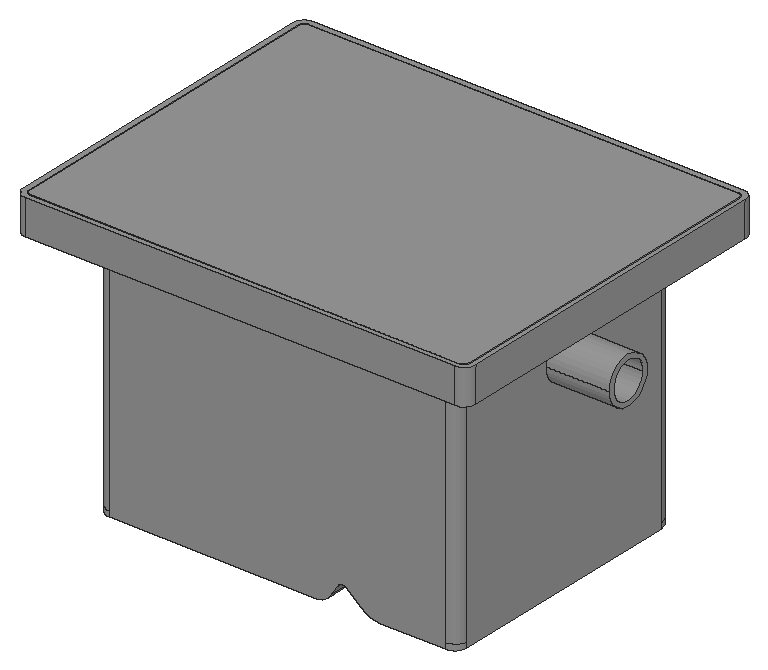
Revit family "Lil_F", category Plumbing Fixtures, Revit 2019
Family settings
  Round Connector Dimension = Use Diameter
  Part Type = Normal
  Work Plane-Based = No
  Always vertical = Yes
  Cut with Voids When Loaded = No
  Shared = No
  Room Calculation Point = No
Parameters (values of type "Lil-7-F")
  top 2 = 2"
  URL = "www.mifab.com"
  TOP1 = 1 1/2"
  TOP THK = 1 1/2"
  Pressure Drop = 0.00 psi
  Model = "MI-G-1-PL-PSB-FSCR"
  Mechanical Flow = 7 GPM
  Material = Polyethylene, High Density
  Manufacturer = "MIFAB"
  FULL DIM = 6"
  F2 = F / 2 - 51/256"  # 205/256"
  F/2 = F / 2  # 1"
  F = 2"
  E = 12 1/2"
  Description = "7GPM Lil Max Fish Scale Interceptor"
  D = 9"
  C = 3 1/2"
  BOTTOM 1 = 9"
  B = 15 1/2"
  A+1 = (A + 1") / 1.95  # 10.51282"
  A = 19 1/2"
Types (8): name | top 2 | Model | Mechanical Flow | F2 | F/2 | F | E | Description | D | C | B | A+1 | A
  (no name) | 2" | "MI-G-1-PL-PSB-FSCR" | 7 GPM | 205/256" | 1" | 2" | 12 1/2" | "7GPM Lil Max Fish Scale Interceptor" | 9" | 3 1/2" | 15 1/2" | 10.51282" | 19 1/2"
  Lil-7-F | 2" | "MI-G-1-PL-PSB-FSCR" | 7 GPM | 205/256" | 1" | 2" | 12 1/2" | "7GPM Lil Max Fish Scale Interceptor" | 9" | 3 1/2" | 15 1/2" | 10.51282" | 19 1/2"
  Lil-10-F | 3.09455" | "MI-G-2-PL-PSB-FSCR" | 10 GPM | 205/256" | 1" | 2" | 13 1/4" | "10GPM Lil Max Fish Scale Interceptor" | 9 3/4" | 3 1/2" | 17 1/2" | 12.30769" | 23"
  Lil-15-F | 3.09455" | "MI-G-3-PL-PSB-FSCR" | 15 GPM | 205/256" | 1" | 2" | 16 3/4" | "15GPM Lil Max Fish Scale Interceptor" | 13 1/4" | 3 1/2" | 17 1/2" | 12.30769" | 23"
  Lil-20-F | 3.09455" | "MI-G-4-PL-PSB-FSCR" | 20 GPM | 1 77/256" | 1 1/2" | 3" | 14 1/4" | "20GPM Lil Max Fish Scale Interceptor" | 10 3/4" | 3 1/2" | 20 1/2" | 15.64103" | 29 1/2"
  Lil-25-F | 3.09455" | "MI-G-5-PL-PSB-FSCR" | 25 GPM | 1 77/256" | 1 1/2" | 3" | 18 1/4" | "25GPM Lil Max Fish Scale Interceptor" | 14 3/4" | 3 1/2" | 20 1/2" | 15.64103" | 29 1/2"
  Lil-35-F | 3.09455" | "MI-G-6-PL-PSB-FSCR" | 35 GPM | 1 77/256" | 1 1/2" | 3" | 22 1/4" | "35GPM Lil Max Fish Scale Interceptor" | 16 3/4" | 5 1/2" | 25 1/2" | 17.4359" | 33"
  Lil-50-F | 3.09455" | "MI-G-7-PL-PSB-FSCR" | 50 GPM | 1 77/256" | 1 1/2" | 3" | 24 1/4" | "50GPM Lil Max Fish Scale Interceptor" | 18 3/4" | 5 1/2" | 25 1/2" | 17.4359" | 33"
Reference planes (in)
  plane 1 "Center (Front/Back)": y = 0
  plane 2: z = 0
  plane 3 "Center (Left/Right)": x = 0
  plane 4: z = -3.5
  plane 5: z = -12.5
Forms (in)
  Extrusion 1, solid, material "Polyethylene, High Density" <- "Material"
    sketch origin (-0.57139, 0, 0) x (1, 0, 0) y (0, 1, 0)
      loop
        arc (-8.67861, 7.75) -> (-9.03216, 7.60355) -> (-9.17861, 7.25) r 0.5
        line (-9.17861, 7.25) -> (-9.17861, -7.25)
        arc (-9.17861, -7.25) -> (-9.03216, -7.60355) -> (-8.67861, -7.75) r 0.5
        line (-8.67861, -7.75) -> (9.82139, -7.75)
        arc (9.82139, -7.75) -> (10.17494, -7.60355) -> (10.32139, -7.25) r 0.5
        line (10.32139, -7.25) -> (10.32139, 7.25)
        arc (10.32139, 7.25) -> (10.17494, 7.60355) -> (9.82139, 7.75) r 0.5
        line (9.82139, 7.75) -> (-8.67861, 7.75)
      loop
        arc (-8.92861, -7.25) -> (-8.85539, -7.42678) -> (-8.67861, -7.5) r 0.25
        line (-8.67861, -7.5) -> (9.82139, -7.5)
        arc (9.82139, -7.5) -> (9.99817, -7.42678) -> (10.07139, -7.25) r 0.25
        line (10.07139, -7.25) -> (10.07139, 7.25)
        arc (10.07139, 7.25) -> (9.99817, 7.42678) -> (9.82139, 7.5) r 0.25
        line (9.82139, 7.5) -> (-8.67861, 7.5)
        arc (-8.67861, 7.5) -> (-8.85539, 7.42678) -> (-8.92861, 7.25) r 0.25
        line (-8.92861, 7.25) -> (-8.92861, -7.25)
    from -1.5 to 0
  Extrusion 2, solid, material "Polyethylene, High Density" <- "Material"
    sketch origin (0, 0, 0) x (1, 0, 0) y (0, 1, 0)
      loop
        arc (-7.25, 5.75) -> (-7.60355, 5.60355) -> (-7.75, 5.25) r 0.5
        line (-7.75, 5.25) -> (-7.75, -5.25)
        arc (-7.75, -5.25) -> (-7.60355, -5.60355) -> (-7.25, -5.75) r 0.5
        line (-7.25, -5.75) -> (7.25, -5.75)
        arc (7.25, -5.75) -> (7.60355, -5.60355) -> (7.75, -5.25) r 0.5
        line (7.75, -5.25) -> (7.75, 5.25)
        arc (7.75, 5.25) -> (7.60355, 5.60355) -> (7.25, 5.75) r 0.5
        line (7.25, 5.75) -> (-7.25, 5.75)
      loop
        arc (-7.5, -5.25) -> (-7.42678, -5.42678) -> (-7.25, -5.5) r 0.25
        line (-7.25, -5.5) -> (7.25, -5.5)
        arc (7.25, -5.5) -> (7.42678, -5.42678) -> (7.5, -5.25) r 0.25
        line (7.5, -5.25) -> (7.5, 5.25)
        arc (7.5, 5.25) -> (7.42678, 5.42678) -> (7.25, 5.5) r 0.25
        line (7.25, 5.5) -> (-7.25, 5.5)
        arc (-7.25, 5.5) -> (-7.42678, 5.42678) -> (-7.5, 5.25) r 0.25
        line (-7.5, 5.25) -> (-7.5, -5.25)
    from -12.5 to -1.5
  Extrusion 3, solid, material "Polyethylene, High Density" <- "Material"
    sketch origin (0, 0, 0) x (0, 1, 0) y (0, 0, 1)
      loop
        circle (0, -3.5) r 1
    from 7.5 to 10.51282
  Extrusion 4, void
    sketch origin (0, 0, 0) x (0, 1, 0) y (0, 0, 1)
      loop
        circle (0, -3.5) r 0.80078
    from -10.51282 to 10.51282
  Extrusion 5, solid, material "Polyethylene, High Density" <- "Material"
    sketch origin (0, 0, 0) x (0, 1, 0) y (0, 0, -1)
      loop
        circle (0, 3.5) r 1
    from 7.5 to 10.51282
  Extrusion 6, solid, material "Polyethylene, High Density" <- "Material"
    sketch origin (0, 0, 0) x (1, 0, 0) y (0, 1, 0)
      loop
        line (-9.5, 7.25) -> (-9.5, -7.25)
        arc (-9.5, -7.25) -> (-9.42678, -7.42678) -> (-9.25, -7.5) r 0.25
        line (-9.25, -7.5) -> (9.25, -7.5)
        arc (9.25, -7.5) -> (9.42678, -7.42678) -> (9.5, -7.25) r 0.25
        line (9.5, -7.25) -> (9.5, 7.25)
        arc (9.5, 7.25) -> (9.42678, 7.42678) -> (9.25, 7.5) r 0.25
        line (9.25, 7.5) -> (-9.25, 7.5)
        arc (-9.25, 7.5) -> (-9.42678, 7.42678) -> (-9.5, 7.25) r 0.25
      loop
        line (-7.5, 5.25) -> (-7.5, -5.25)
        arc (-7.5, -5.25) -> (-7.42678, -5.42678) -> (-7.25, -5.5) r 0.25
        line (-7.25, -5.5) -> (7.25, -5.5)
        arc (7.25, -5.5) -> (7.42678, -5.42678) -> (7.5, -5.25) r 0.25
        line (7.5, -5.25) -> (7.5, 5.25)
        arc (7.5, 5.25) -> (7.42678, 5.42678) -> (7.25, 5.5) r 0.25
        line (7.25, 5.5) -> (-7.25, 5.5)
        arc (-7.25, 5.5) -> (-7.42678, 5.42678) -> (-7.5, 5.25) r 0.25
    from -1.5 to -1.27407
  Extrusion 7, solid, material "Polyethylene, High Density" <- "Material"
    sketch origin (0, 0, 0) x (1, 0, 0) y (0, 0, 1)
      loop
        line (-7.75, -12.5) -> (1.68146, -12.5)
        arc (1.68146, -12.5) -> (2.08444, -12.38254) -> (2.3612, -12.06696) r 0.75
        line (2.3612, -12.06696) -> (2.63018, -11.66446)
        arc (2.63018, -11.66446) -> (2.78411, -11.56852) -> (2.95785, -11.6206) r 0.22028
        line (2.95785, -11.6206) -> (3.61676, -12.19339)
        arc (3.61676, -12.19339) -> (3.99907, -12.42084) -> (4.43683, -12.5) r 1.25
        line (4.43683, -12.5) -> (7.75, -12.5) -> (7.75, -12.25) -> (4.43683, -12.25)
        arc (4.43683, -12.25) -> (4.08662, -12.18667) -> (3.78077, -12.00471) r 1
        line (3.78077, -12.00471) -> (3.10631, -11.41841)
        arc (3.10631, -11.41841) -> (2.74971, -11.3115) -> (2.43377, -11.50842) r 0.45213
        line (2.43377, -11.50842) -> (2.14162, -11.94558)
        arc (2.14162, -11.94558) -> (1.95733, -12.16701) -> (1.68146, -12.25) r 0.5
        line (1.68146, -12.25) -> (-7.75, -12.25) -> (-7.75, -12.5)
    from -5.75 to 5.75
  Extrusion 8, void
    sketch origin (0, 0, 0) x (1, 0, 0) y (0, 0, 1)
      loop
        line (1.68146, -12.5) -> (4.43683, -12.5)
        arc (4.43683, -12.5) -> (3.99907, -12.42084) -> (3.61676, -12.19339) r 1.25
        line (3.61676, -12.19339) -> (2.95785, -11.6206)
        arc (2.95785, -11.6206) -> (2.78411, -11.56852) -> (2.63018, -11.66446) r 0.22028
        line (2.63018, -11.66446) -> (2.3612, -12.06696)
        arc (2.3612, -12.06696) -> (2.08444, -12.38254) -> (1.68146, -12.5) r 0.75
    from -13.05949 to 13.44892
  Extrusion 9, void
    sketch origin (0, 0, 0) x (1, 0, 0) y (0, 1, 0)
      loop
        arc (-7.25, 5.75) -> (-7.60355, 5.60355) -> (-7.75, 5.25) r 0.5
        line (-7.75, 5.25) -> (-7.75, -5.25)
        arc (-7.75, -5.25) -> (-7.60355, -5.60355) -> (-7.25, -5.75) r 0.5
        line (-7.25, -5.75) -> (7.25, -5.75)
        arc (7.25, -5.75) -> (7.60355, -5.60355) -> (7.75, -5.25) r 0.5
        line (7.75, -5.25) -> (7.75, 5.25)
        arc (7.75, 5.25) -> (7.60355, 5.60355) -> (7.25, 5.75) r 0.5
        line (7.25, 5.75) -> (-7.25, 5.75)
      loop
        arc (-7.25, 6) -> (-7.78033, 5.78033) -> (-8, 5.25) r 0.75
        line (-8, 5.25) -> (-8, -5.25)
        arc (-8, -5.25) -> (-7.78033, -5.78033) -> (-7.25, -6) r 0.75
        line (-7.25, -6) -> (7.25, -6)
        arc (7.25, -6) -> (7.78033, -5.78033) -> (8, -5.25) r 0.75
        line (8, -5.25) -> (8, 5.25)
        arc (8, 5.25) -> (7.78033, 5.78033) -> (7.25, 6) r 0.75
        line (7.25, 6) -> (-7.25, 6)
    from -12.5 to -8.24153
  Extrusion 10, solid, material "Polytetrafluoroethylene"
    sketch origin (0, 0, 0) x (1, 0, 0) y (0, 1, 0)
      loop
        arc (-9.5, -7.25) -> (-9.42678, -7.42678) -> (-9.25, -7.5) r 0.25
        line (-9.25, -7.5) -> (9.25, -7.5)
        arc (9.25, -7.5) -> (9.42678, -7.42678) -> (9.5, -7.25) r 0.25
        line (9.5, -7.25) -> (9.5, 7.25)
        arc (9.5, 7.25) -> (9.42678, 7.42678) -> (9.25, 7.5) r 0.25
        line (9.25, 7.5) -> (-9.25, 7.5)
        arc (-9.25, 7.5) -> (-9.42678, 7.42678) -> (-9.5, 7.25) r 0.25
        line (-9.5, 7.25) -> (-9.5, -7.25)
    from -1.27407 to 0
Cuts and joins
  Extrusion 4 cuts Extrusion 1
  Extrusion 4, Extrusion 8 cuts Extrusion 2
  Extrusion 4 cuts Extrusion 3
  Extrusion 4 cuts Extrusion 5
  Extrusion 4 cuts Extrusion 6
  Extrusion 4, Extrusion 8, Extrusion 9 cuts Extrusion 7
  joined: Extrusion 1, Extrusion 2, Extrusion 3, Extrusion 5, Extrusion 6, Extrusion 7
Dimensions and locks (in)
  "D": plane 5 to plane 4
  "C": level to plane 4
  equal spacing: Extrusion 1 sketch curve, plane 1 "Center (Front/Back)", Extrusion 1 sketch curve
  plane 1 "Center (Front/Back)" to Extrusion 1 sketch curve = 7 3/4"
  equal spacing: Extrusion 1, plane 3 "Center (Left/Right)", Extrusion 1
  "A+1": Extrusion 3 to plane 3 "Center (Left/Right)"
  "A": Extrusion 1 sketch curve to Extrusion 1 sketch curve
  equal spacing: Extrusion 1 sketch curve, plane 3 "Center (Left/Right)", Extrusion 1 sketch curve
  "A+1": cut or joined group 1 (Extrusion 1, Extrusion 2, Extrusion 3, Extrusion 4, Extrusion 5, Extrusion 6, Extrusion 7, Extrusion 8, Extrusion 9) to plane 3 "Center (Left/Right)"
  locked: Extrusion 6 to Extrusion 1 at 0.22593
  equal spacing: Extrusion 2 sketch curve, plane 3 "Center (Left/Right)", Extrusion 2 sketch curve
  equal spacing: Extrusion 2 sketch curve, plane 1 "Center (Front/Back)", Extrusion 2 sketch curve
  cut or joined group 1 to cut or joined group 1 = 1/4"
  locked: cut or joined group 1 to cut or joined group 1 at 0.25  (x3)
  cut or joined group 1 to cut or joined group 1 = 2"
  locked: cut or joined group 1 to cut or joined group 1 at 2
  locked: Extrusion 6 sketch curve to cut or joined group 1 at 2  (x2)
  "B": cut or joined group 1 to cut or joined group 1
  locked: cut or joined group 1 to cut or joined group 1 at 2.25  (x2)
  "F/2": radius of Extrusion 3 sketch curve
  "F2": radius of Extrusion 4 sketch curve
  "F/2": radius of Extrusion 5 sketch curve
  aligned and locked: plane 2 to level
  aligned and locked: level to Extrusion 1
  aligned and locked: Extrusion 2 to plane 5
  aligned and locked: Extrusion 2 to Extrusion 1
  aligned and locked: plane 1 "Center (Front/Back)" to Extrusion 3 sketch curve
  aligned and locked: plane 4 to Extrusion 3 sketch curve
  aligned and locked: plane 1 "Center (Front/Back)" to Extrusion 4 sketch curve
  aligned and locked: plane 4 to Extrusion 4 sketch curve
  aligned and locked: Extrusion 6 sketch curve to Extrusion 1  (x4)
  aligned and locked: Extrusion 1 to Extrusion 6
  aligned and locked: Extrusion 7 sketch curve to cut or joined group 1
  aligned and locked: Extrusion 8 sketch curve to cut or joined group 1  (x3)
  aligned and locked: cut or joined group 1 to Extrusion 8 sketch curve
  aligned and locked: cut or joined group 1 to Extrusion 6 sketch curve  (x2)
  aligned and locked: Extrusion 7 to Extrusion 2  (x2)
  aligned and locked: Extrusion 2 to Extrusion 7
  aligned and locked: Extrusion 2 to Extrusion 3
  aligned and locked: Extrusion 2 to Extrusion 5
  aligned and locked: Extrusion 9 sketch curve to cut or joined group 1  (x4)
  aligned and locked: Extrusion 9 to plane 5
  aligned and locked: Extrusion 10 sketch curve to cut or joined group 1  (x4)
  aligned and locked: Extrusion 10 to cut or joined group 1
  aligned and locked: level to Extrusion 10
  aligned and locked: Extrusion 3 to Extrusion 4
  aligned and locked: Extrusion 5 to Extrusion 4
  aligned and locked: plane 4 to Extrusion 5 sketch curve
  aligned and locked: plane 1 "Center (Front/Back)" to Extrusion 5 sketch curve
Automatic sketch dimensions
  Extrusion 6 sketch curve to Extrusion 6 sketch curve = 1/4"  (x6)
  Extrusion 8 sketch curve to Extrusion 8 sketch curve = 0.67973"
  plane 5 to Extrusion 8 sketch curve = 0.30661"
  Extrusion 8 sketch curve to Extrusion 8 sketch curve = 0.26899"
  Extrusion 8 sketch curve to Extrusion 8 sketch curve = 0.12239"
  Extrusion 8 sketch curve to Extrusion 8 sketch curve = 37/256"
  Extrusion 2 sketch curve to plane 3 "Center (Left/Right)" = 7 3/4"
  Extrusion 2 sketch curve to Extrusion 2 sketch curve = 1/2"  (x4)
  Extrusion 2 sketch curve to Extrusion 2 sketch curve = 0"  (x11)
  Extrusion 2 sketch curve to Extrusion 2 sketch curve = 1/4"
  plane 1 "Center (Front/Back)" to Extrusion 2 sketch curve = 5 3/4"
  Extrusion 6 sketch curve to Extrusion 6 sketch curve = 2"
  Extrusion 7 sketch curve to Extrusion 7 sketch curve = 0"  (x4)
  Extrusion 7 sketch curve to plane 5 = 0"
  Extrusion 7 sketch curve to plane 3 "Center (Left/Right)" = 7 3/4"
  plane 5 to Extrusion 7 sketch curve = 1/4"
  plane 3 "Center (Left/Right)" to Extrusion 7 sketch curve = 1.68146"
  plane 5 to Extrusion 7 sketch curve = 0.55442"
  Extrusion 7 sketch curve to Extrusion 7 sketch curve = 0.46016"
  plane 5 to Extrusion 7 sketch curve = 0.43304"
  Extrusion 7 sketch curve to Extrusion 7 sketch curve = 0.29215"
  plane 5 to Extrusion 7 sketch curve = 0.83554"
  Extrusion 7 sketch curve to Extrusion 7 sketch curve = 0.19641"
  Extrusion 7 sketch curve to Extrusion 7 sketch curve = 0.1795"
  Extrusion 7 sketch curve to Extrusion 7 sketch curve = 0.00364"
  plane 5 to Extrusion 7 sketch curve = 0.8794"
  Extrusion 7 sketch curve to Extrusion 7 sketch curve = 0.14816"
  plane 5 to Extrusion 7 sketch curve = 1.08159"
  Extrusion 7 sketch curve to Extrusion 7 sketch curve = 0.14846"
  plane 5 to Extrusion 7 sketch curve = 0.30661"
  Extrusion 7 sketch curve to Extrusion 7 sketch curve = 0.65891"
  plane 5 to Extrusion 7 sketch curve = 0.49529"
  Extrusion 7 sketch curve to Extrusion 7 sketch curve = 0.16401"
  Extrusion 7 sketch curve to Extrusion 7 sketch curve = 0.65606"
  Extrusion 7 sketch curve to Extrusion 7 sketch curve = 3.31317"
  Extrusion 7 sketch curve to Extrusion 7 sketch curve = 0.02722"
  Extrusion 9 sketch curve to Extrusion 9 sketch curve = 0"  (x7)
  Extrusion 9 sketch curve to Extrusion 9 sketch curve = 1/4"
  Extrusion 1 sketch curve to Extrusion 1 sketch curve = 0"  (x7)
  Extrusion 1 sketch curve to Extrusion 1 sketch curve = 1/4"  (x5)
  Extrusion 3 sketch curve to plane 4 = 0"
Connectors (in)
  piping at (10.51282, 0, -3.5), diameter 2, driven by "F", driven by "Mechanical Flow"
    settings: on cut or joined group 1, index 1, connector inside diameter 24", connector length 0", flow factor 0, pipe flow 7 GPM, pressure drop 0.00 psi, fitting loss kfactor 0, connector angle 0.00°, fixture units 0, engagement length 0", angle of deflection 0.00°, flow configuration 0, flow direction 0, fitting loss method 0, system type 7, joint type 0, gender type 0, connector reference index -1, connector utility 0, adjustable connector no, is connector primary yes, connector description ""
  piping at (-10.51282, 0, -3.5), diameter 2, driven by "F", driven by "Mechanical Flow"
    settings: on cut or joined group 1, index 2, connector inside diameter 24", connector length 0", flow factor 0, pipe flow 7 GPM, pressure drop 0.00 psi, fitting loss kfactor 0, connector angle 0.00°, fixture units 0, engagement length 0", angle of deflection 0.00°, flow configuration 0, flow direction 0, fitting loss method 0, system type 7, joint type 0, gender type 0, connector reference index -1, connector utility 0, adjustable connector no, is connector primary no, connector description ""
